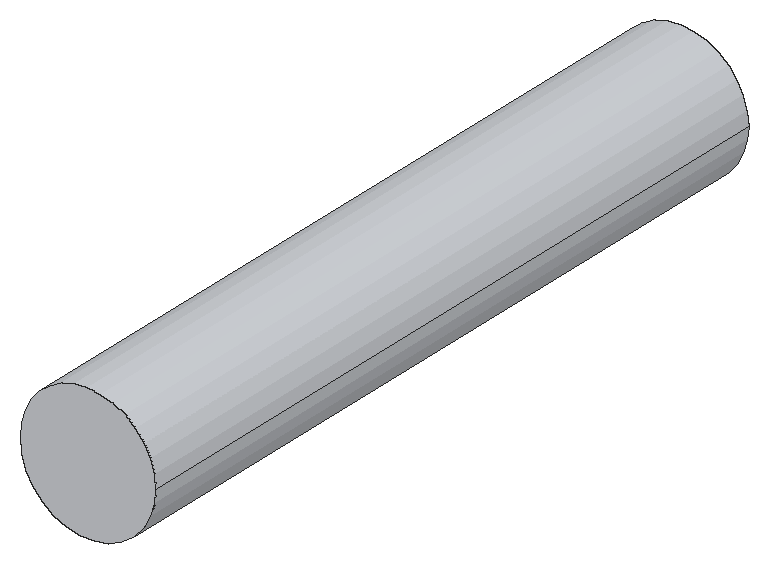
Revit family "M_Sprinkler - Parede lateral horizontal", category Sprinklers, Revit 2019
Family settings
  Manter orientação da anotação = Sim
  Cota do conector redondo = Usar raio
  Tipo de parte = Normal
  Número OmniClass = 23.65.70.17.11.24
  Título OmniClass = Fire Fighting Sprinkler Heads
  ID de item do Seek = Sprinkler - Horizontal Sidewall-0000-CAN-ENU
  Com base no plano de trabalho = Não
  Sempre na vertical = Sim
  Corte com vazios quando carregada = Não
  Compartilhado = Não
  Ponto de cálculo do ambiente = Não
Parameters (values of type "Parede lateral horizontal de 15 mm")
  Classificação de temperatura = 57 °C
  Resposta = Padrão
  Queda de pressão [instance] = 48300.0 Pa
  Classe de pressão = Padrão
  Comprimento total = 89 mm
  Tamanho do orifício = 13 mm
  Orifício = Padrão
  Fator-K = 81
  Fluxo [instance] = 2.0 L/s
  Cobertura = Padrão
  Diâmetro nominal = Raio nominal * 2  # 15 mm
  Raio nominal = 7.5 mm
  CEL = 7 mm
  Assembly Code = ""
Types (2, lengths in mm): name | Queda de pressão | Comprimento total | Tamanho do orifício | Fator-K | Fluxo | Diâmetro nominal | Raio nominal | CEL
  Parede lateral horizontal de 15 mm | 48300.0 Pa | 89 | 13 | 81 | 2.0 L/s | 15 | 7.5 | 7
  Parede lateral horizontal de 20 mm | 96500.0 Pa | 75 | 14 | 115 | 3.0 L/s | 20 | 10 | 10
Reference planes
  plane 1 "Centro (Frente/Trás)": y = 0
  plane 2: z = 0
  plane 3 "Centro (Esquerda/Direita)": x = 0
  plane 4: y = 7
  plane 5: y = -82
Forms (mm)
  Extrusion 1, solid
    sketch origin (0, 0, 0) x (1, 0, 0) y (0, 0, 1)
      loop
        circle (0, 0) r 7.5
    from 0 to 82
Dimensions and locks
  "Comprimento total": plane 4 to plane 5
  "CEL": plane 1 "Centro (Frente/Trás)" to plane 4
  "Raio nominal": radius of Extrusion 1 sketch curve
  aligned and locked: Extrusion 1 to plane 5
Automatic sketch dimensions
  Extrusion 1 sketch curve to level = 0 mm
  Extrusion 1 sketch curve to plane 3 "Centro (Esquerda/Direita)" = 0 mm
Nested families
  nested 1: "M_Sprinkler - Símbolo - Parede lateral horizontal" at (0, 0, 0) x (-1, 0, 0) z (0, 0, 1), type "Sprinkler - Símbolo - Parede lateral horizontal"
Connectors
  piping at (0, 0, 0), diameter 15, driven by "Raio nominal", driven by "Fluxo", driven by "Queda de pressão"
    settings: on Extrusion 1, index 1, connector inside diameter 15 mm, connector length 0 mm, flow factor 0, pipe flow 2.0 L/s, pressure drop 48300.0 Pa, fitting loss kfactor 0, connector angle 0.00°, fixture units 0, engagement length 0 mm, angle of deflection 0.00°, flow configuration 1, flow direction 1, fitting loss method 4, system type 23, joint type 0, gender type 0, connector reference index -1, connector utility 0, adjustable connector no, is connector primary yes, connector description "In"
Definition of nested family "M_Sprinkler - Símbolo - Parede lateral horizontal"
  Parameters
    Largura do símbolo = Profundidade do símbolo  # 2 mm
    Meia largura do símbolo = 0.5 * Largura do símbolo  # 1 mm
    Profundidade do símbolo = 2 mm
  Reference planes
    plane 1: y = 0
    plane 2: x = 0
  Lines and regions (mm)
    reference lines
      curve 1: line (-1, 0, 0) -> (-1, 2, 0)
      curve 2: line (-1, 2, 0) -> (1, 2, 0)
      curve 3: line (1, 2, 0) -> (1, 0, 0)
      curve 4: line (-1, 2, 0) -> (0, 0, 0)
      curve 5: line (0, 0, 0) -> (1, 2, 0)
    detail lines
      curve 6: line (-1, 2, 0) -> (1, 2, 0)
      curve 7: line (1, 2, 0) -> (0, 0, 0)
      curve 8: line (-1, 2, 0) -> (0, 0, 0)
  Dimensions and locks
    equal spacing: curve 1, plane 2, curve 3
    "Profundidade do símbolo": plane 1 to curve 2
    "Meia largura do símbolo": curve 1 to plane 2
    aligned and locked: plane 1 to curve 1
    aligned and locked: curve 6 to curve 2
    aligned and locked: curve 1 to curve 6
    aligned and locked: curve 6 to curve 3
    aligned and locked: curve 7 to curve 5
    aligned and locked: curve 2 to curve 7
    aligned and locked: plane 1 to curve 7
  Automatic sketch dimensions
    curve 5 to plane 1 = 0 mm
    curve 4 to plane 2 = 0 mm
    curve 3 to plane 1 = 0 mm
